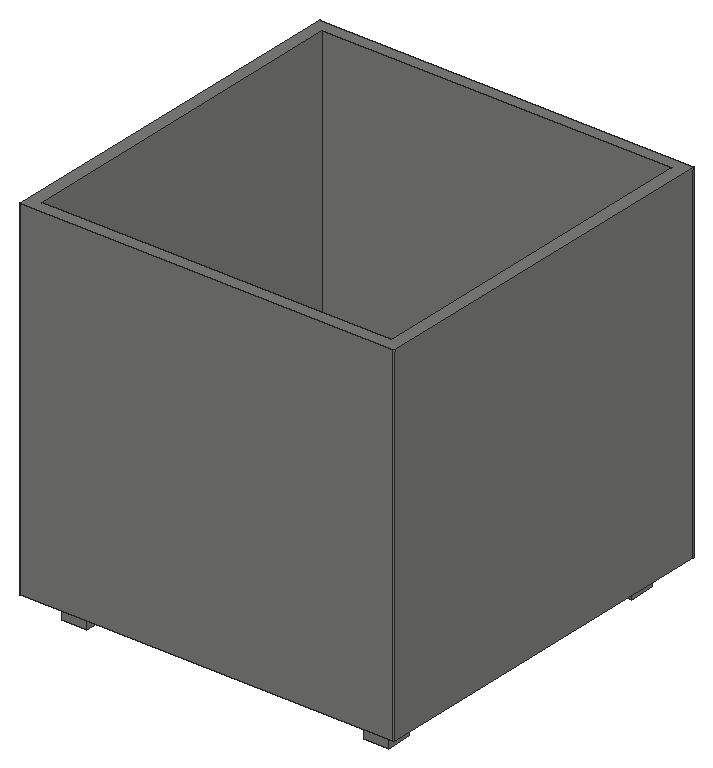
Revit family "Jardinera Olea", category Furniture, Revit 2020
Family settings
  OmniClass Number = 23.40.20.00
  OmniClass Title = General Furniture and Specialties
  Work Plane-Based = No
  Always vertical = Yes
  Cut with Voids When Loaded = No
  Shared = No
  Room Calculation Point = No
Parameters (values of type "Jardinera Olea-UM1220-750mm")
  URL_Producto = "https://www.benito.com/es/mobiliario-urbano/jardineras/olea--UM1220.html"
  Type Comments = "No necesita ningún acabado, evita procesos contaminantes y contribuye a la sostenibilidad medioambiental"
  Referencia = "UM1220"
  Material = Acero corten
  Jardinera Olea-UM1220-750mm = yes
  Jardinera Olea-UM1160-750mm = no
  H = 0.750 m
  Ficha_Tecnica = "https://www.benito.com/es/download/data-sheet-UM1220"
  Fabricante = "BENITO URBAN SL"
  Description = "Jardinera fabricada en chapa de acero corten, concebida para permanecer en el tiempo sin ningún tipo de mantenimiento."
  Default Elevation = 0.000 m
  B = 0.750 m
  A = 0.750 m
Types (2, lengths in m): name | URL_Producto | Type Comments | Referencia | Material | Jardinera Olea-UM1220-750mm | Jardinera Olea-UM1160-750mm | Ficha_Tecnica | Fabricante | Description | B
  Jardinera Olea-UM1160-750mm | "" | 0.000 | "" | none | no | yes | "" | "" | 0.000 | 0.000
  Jardinera Olea-UM1220-750mm | "https://www.benito.com/es/mobiliario-urbano/jardineras/olea--UM1220.html" | "No necesita ningún acabado, evita procesos contaminantes y contribuye a la sostenibilidad medioambiental" | "UM1220" | Acero corten | yes | no | "https://www.benito.com/es/download/data-sheet-UM1220" | "BENITO URBAN SL" | "Jardinera fabricada en chapa de acero corten, concebida para permanecer en el tiempo sin ningún tipo de mantenimiento." | 0.750
Reference planes (m)
  plane 1 "Center (Front/Back)": y = 0
  plane 2: z = 0
  plane 3 "Center (Left/Right)": x = 0
Dimensions and locks (m)
  aligned and locked: level to plane 2
Nested families (m)
  nested 1: "Jardinera Olea-UM1220-750mm" at (0, 0, 0), visible <- "Jardinera Olea-UM1220-750mm", type "Jardinera Olea-UM1220-750mm"
  nested 2: "Jardinera Olea-UM1160-750mm" at (0, 0, 0), visible <- "Jardinera Olea-UM1160-750mm", type "Jardinera Olea-UM1160-750mm"
Definition of nested family "Jardinera Olea-UM1220-750mm"
  Parameters
    Default Elevation = 0.000 m
  Reference planes (m)
    plane 1 "Center (Front/Back)": y = 0
    plane 2: z = 0
    plane 3 "Center (Left/Right)": x = 0
    plane 4: z = 0.75
    plane 5: x = -0.375
    plane 6: x = 0.375
    plane 7: y = 0.375
    plane 8: y = -0.375
  Forms (m)
    Extrusion 1, void
      sketch origin (0, 0, 0) x (1, 0, 0) y (0, 1, 0)
        loop
          circle (0.238666, -0.267794) r 0.01
        loop
          circle (-0.238666, -0.267794) r 0.01
        loop
          circle (0.238666, 0.267794) r 0.01
        loop
          circle (-0.238666, 0.267794) r 0.01
        loop
          circle (0, 0) r 0.01
      from 0.05 to 0.075
    Extrusion 2, solid
      sketch origin (0, 0, 0) x (1, 0, 0) y (0, 1, 0)
        loop
          arc (-0.373, 0.375) -> (-0.374414, 0.374414) -> (-0.375, 0.373) r 0.002
          line (-0.375, 0.373) -> (-0.375, -0.373)
          arc (-0.375, -0.373) -> (-0.374414, -0.374414) -> (-0.373, -0.375) r 0.002
          line (-0.373, -0.375) -> (0.373, -0.375)
          arc (0.373, -0.375) -> (0.374414, -0.374414) -> (0.375, -0.373) r 0.002
          line (0.375, -0.373) -> (0.375, 0.373)
          arc (0.375, 0.373) -> (0.374414, 0.374414) -> (0.373, 0.375) r 0.002
          line (0.373, 0.375) -> (-0.373, 0.375)
        loop
          line (-0.35, 0.35) -> (-0.35, -0.35) -> (0.35, -0.35) -> (0.35, 0.35) -> (-0.35, 0.35)
      from 0.05 to 0.75
    Extrusion 3, solid
      sketch origin (0, 0, 0) x (1, 0, 0) y (0, 1, 0)
        loop
          line (-0.327479, 0.328896) -> (-0.327479, 0.278896) -> (-0.277479, 0.278896) -> (-0.277479, 0.328896) -> (-0.327479, 0.328896)
        loop
          line (0.327479, 0.328896) -> (0.277479, 0.328896) -> (0.277479, 0.278896) -> (0.327479, 0.278896) -> (0.327479, 0.328896)
        loop
          line (-0.327479, -0.328896) -> (-0.277479, -0.328896) -> (-0.277479, -0.278896) -> (-0.327479, -0.278896) -> (-0.327479, -0.328896)
        loop
          line (0.327479, -0.328896) -> (0.327479, -0.278896) -> (0.277479, -0.278896) -> (0.277479, -0.328896) -> (0.327479, -0.328896)
      from 0 to 0.05
    Extrusion 4, solid
      sketch origin (0, 0, 0) x (1, 0, 0) y (0, 1, 0)
        loop
          line (-0.35, 0.35) -> (-0.35, -0.35) -> (0.35, -0.35) -> (0.35, 0.35) -> (-0.35, 0.35)
      from 0.05 to 0.075
  Cuts and joins
    Extrusion 1 cuts Extrusion 4
  Dimensions and locks (m)
    plane 4 to level = 0.750 m
    plane 8 to plane 7 = 0.750 m
    plane 5 to plane 6 = 0.750 m
    aligned and locked: level to plane 2
Definition of nested family "Jardinera Olea-UM1160-750mm"
  Parameters
    Default Elevation = 0.000 m
  Reference planes (m)
    plane 1 "Center (Front/Back)": y = 0
    plane 2: z = 0
    plane 3 "Center (Left/Right)": x = 0
    plane 4: z = 0.75
    plane 5: x = -0.375
    plane 6: x = 0.375
  Forms (m)
    Revolve 1, solid
      sketch origin (0, 0, 0) x (1, 0, 0) y (0, 0, 1)
        loop
          line (-0.375, 0.748) -> (-0.375, 0.052)
          arc (-0.375, 0.052) -> (-0.374414, 0.050586) -> (-0.373, 0.05) r 0.002
          line (-0.373, 0.05) -> (-0.01, 0.05) -> (-0.01, 0.075) -> (-0.35, 0.075) -> (-0.35, 0.748)
          arc (-0.35, 0.748) -> (-0.350586, 0.749414) -> (-0.352, 0.75) r 0.002
          line (-0.352, 0.75) -> (-0.373, 0.75)
          arc (-0.373, 0.75) -> (-0.374414, 0.749414) -> (-0.375, 0.748) r 0.002
        axis (0, 0.75) -> (0, 0.05)
      angle from 0 to 360
    Extrusion 2, solid
      sketch origin (0, 0.213298, 0) x (1, 0, 0) y (0, 0, 1)
        loop
          line (-0.305, 0.05) -> (-0.328315, 0) -> (-0.303315, 0) -> (-0.26136, 0.05) -> (-0.305, 0.05)
      from 0.188298 to 0.238298
    Extrusion 3, solid
      sketch origin (-0.184721, -0.106649, 0) x (-0.5, 0.866025, 0) y (0, 0, 1)
        loop
          line (-0.305, 0.05) -> (-0.328315, 0) -> (-0.303315, 0) -> (-0.26136, 0.05) -> (-0.305, 0.05)
      from 0.188298 to 0.238298
    Extrusion 4, solid
      sketch origin (0.184721, -0.106649, 0) x (-0.5, -0.866025, 0) y (0, 0, 1)
        loop
          line (-0.305, 0.05) -> (-0.328315, 0) -> (-0.303315, 0) -> (-0.26136, 0.05) -> (-0.305, 0.05)
      from 0.188298 to 0.238298
    Extrusion 5, void
      sketch origin (0, 0, 0) x (1, 0, 0) y (0, 1, 0)
        loop
          circle (0, 0.275588) r 0.01
        loop
          circle (0.238666, -0.137794) r 0.01
        loop
          circle (-0.238666, -0.137794) r 0.01
      from 0.05 to 0.075
  Cuts and joins
    Extrusion 5 cuts Revolve 1
  Dimensions and locks (m)
    plane 5 to plane 6 = 0.750 m
    plane 4 to level = 0.750 m
    aligned and locked: level to plane 2
